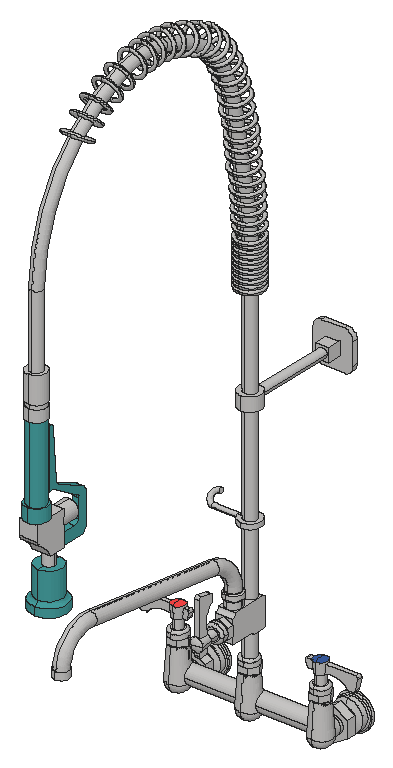
Revit family "Krowne_17-109WL_WallMount_Pre-Rinse_Faucet", category Plumbing Fixtures, Revit 2018
Family settings
  Round Connector Dimension = Use Diameter
  Part Type = Normal
  OmniClass Number = 23.40.40.00
  OmniClass Title = Food Service Equipment and Furnishings
  Work Plane-Based = No
  Always vertical = Yes
  Cut with Voids When Loaded = No
  Shared = No
  Room Calculation Point = No
Parameters (values of type "DefaultType")
  Width = 12 3/4"
  Weight in Pounds = 5
  Watermarked By = ""
  Waste Water Discharge Temperature [instance] = -459.67 °F
  URL Cutsheet = ""
  URL = "https://krowne.com/"
  Status [instance] = ""
  Specification by User [instance] = ""
  Specification by Manufacturer [instance] = ""
  Serial Number [instance] = ""
  Revision Code [instance] = ""
  Plumbing Remarks [instance] = ""
  Plumbing Connection Type = ""
  NAFEM Spec ID Number [instance] = ""
  Model = "17-109WL"
  Masterspec [instance] = ""
  Manufacturer = "Krowne Metal"
  KCLRef = "KCL2C9,,0004c5ab-0000-0000-0000-000000000307,KR,17-109WL ,637171303340000000,c30ee052-7361-4c63-9743-1e99b11c9039,f4ecd267-65e3-4957-9802-f9c9f8c84508"
  KCL SpecSheet URL = "http://kclweb.kclcad.com/imagehandler.ashx?kdoc=17-109wl&R=KR&M=17-109WL%20&VC=7&TID=KCLWeb&T=doc"
  Item Number [instance] = "-"
  Installed By [instance] = ""
  Hot Water Temperature = 100 °F
  Hot Water Size = 1/2"
  Hot Water RI Height [instance] = 0"
  Hot Water Minimum Pressure = 0.00 psi
  Hot Water Maximum Pressure = 0.00 psi
  Hot Water Flow = 1.8 GPM
  Hot Water Consumption = 0 GPM
  Hot Water Connection Height = 0"
  Height = 3 3/8"
  Furnished By [instance] = ""
  Foodservice Equipment Identifier = yes
  Description = "Wall Mount Pre-Rinse"
  Depth = 1 7/8"
  Cold Water Temperature Recommended = -459.67 °F
  Cold Water Size = 1/2"
  Cold Water RI Height [instance] = 0"
  Cold Water Minimum Pressure = 0.00 psi
  Cold Water Maximum Pressure = 0.00 psi
  Cold Water Flow = 1.8 GPM
  Cold Water Consumption = ""
  Cold Water Connection Height = 0"
  CSI MasterFormat = ""
  Assembly Code = "E1090300"
Reference planes
  plane 1 "BACK": y = 0
  plane 2: z = 0
  plane 3 "LEFT": x = -481.094
  plane 4 "RIGHT": x = -157.244
  plane 5 "CENTER L/R": x = -319.169
  plane 6: y = -23.812
  plane 7: y = -381
  plane 8: z = 96.837
  plane 9: x = -347.744
  plane 10: x = -290.594
  plane 11: z = 123.825
  plane 12: z = 73.025
  plane 13: z = 131.762
  plane 14: z = 173.037
Forms (mm)
  Extrusion 1, solid, material "QF_Stainless-Polished"
    sketch origin (-319.169, 0, 0) x (0, 1, 0) y (0, 0, 1)
      loop
        line (-12.7, 134.937) -> (-12.7, 169.862)
        arc (-12.7, 169.862) -> (-13.63, 172.108) -> (-15.875, 173.037) r 3.175
        line (-15.875, 173.037) -> (-63.5, 173.037)
        arc (-63.5, 173.037) -> (-65.36, 168.547) -> (-69.85, 166.687) r 6.35
        line (-69.85, 166.687) -> (-69.85, 134.937) -> (-37.605, 134.937)
        arc (-37.605, 134.937) -> (-36.572, 134.765) -> (-35.651, 134.266) r 3.175
        line (-35.651, 134.266) -> (-33.304, 132.434)
        arc (-33.304, 132.434) -> (-32.384, 131.935) -> (-31.351, 131.762) r 3.175
        line (-31.351, 131.762) -> (-15.875, 131.762)
        arc (-15.875, 131.762) -> (-13.63, 132.692) -> (-12.7, 134.937) r 3.175
    from -11.758 to 12.989
  Sweep 2, solid, material "QF_Stainless-Polished"
    path origin (-319.169, 0, 0) x (0, 1, 0) y (0, 0, 1)
      loop
        line (-52.387, 173.037) -> (-52.387, 193.129)
        arc (-52.387, 193.129) -> (-63.261, 222.256) -> (-90.561, 237.133) r 44.45
        line (-90.561, 237.133) -> (-308.231, 268.178)
        arc (-308.231, 268.178) -> (-343.635, 257.75) -> (-358.957, 224.174) r 44.45
        line (-358.957, 224.174) -> (-358.957, 217.487)
    profile origin (-319.169, -52.387, 183.083) x (0, -1, 0) y (1, 0, 0)
      loop
        circle (0, 0) r 9.525
      loop
        circle (0, 0) r 6.35
  Extrusion 3, solid, material "QF_Stainless-Polished"
    sketch origin (-319.169, -11.113, 173.037) x (0, -1, 0) y (1, 0, 0)
      loop
        circle (41.275, 0) r 9.525
      loop
        circle (41.275, 0) r 11.113
    from 0 to 9.525
  Revolve 4, solid, material "QF_Stainless-Polished"
    sketch origin (-319.169, 0, 0) x (0, 1, 0) y (0, 0, 1)
      loop
        line (-42.862, 192.087) -> (-42.862, 182.562) -> (-41.275, 182.562) -> (-39.687, 184.15) -> (-39.687, 190.5) -> (-41.275, 192.087) -> (-42.862, 192.087)
      axis (-52.387, 182.562) -> (-52.387, 192.087)
    angle from 0 to 360
  Extrusion 5, solid, material "QF_Stainless-Polished"
    sketch origin (-319.169, -358.957, 217.487) x (0, -1, 0) y (-1, 0, 0)
      loop
        circle (0, 0) r 9.525
      loop
        circle (0, 0) r 11.113
    from 0 to -9.525
Lines and regions (mm)
  symbolic lines
    curve 1: arc (-319.169, -33.337, 0) -> (-328.694, -23.812, 0) -> (-319.169, -14.288, 0) r 9.525
    curve 2: arc (-319.169, -14.288, 0) -> (-309.644, -23.812, 0) -> (-319.169, -33.337, 0) r 9.525
Dimensions and locks
  "Width": plane 3 "LEFT" to plane 4 "RIGHT"
  plane 6 to plane 1 "BACK" = 15/16"
  equal spacing: plane 3 "LEFT", plane 5 "CENTER L/R", plane 4 "RIGHT"
  plane 7 to plane 6 = 14 1/16"
  equal spacing: plane 9, plane 5 "CENTER L/R", plane 10
  plane 9 to plane 10 = 2 1/4"
  plane 11 to plane 8 = 1 1/16"
  plane 8 to plane 12 = 15/16"
  locked: plane 13 to plane 11 at 7.938
  locked: plane 14 to plane 13 at 41.275
  aligned and locked: level to plane 2
Automatic sketch dimensions
  curve 2 to plane 5 "CENTER L/R" = 0"
  curve 2 to curve 1 = 3/8"
  plane 6 to curve 2 = 0"
  Extrusion 1 sketch curve to plane 13 = 0"  (x2)
  plane 13 to Extrusion 1 sketch curve = 1/8"
  plane 6 to Extrusion 1 sketch curve = 1 13/16"
  plane 6 to Extrusion 1 sketch curve = 0.543"
  plane 13 to Extrusion 1 sketch curve = 0.09855"
  plane 13 to Extrusion 1 sketch curve = 0.02645"
  Extrusion 1 sketch curve to Extrusion 1 sketch curve = 0.0924"
  Extrusion 1 sketch curve to Extrusion 1 sketch curve = 0.0769"
  Extrusion 1 sketch curve to plane 6 = 5/16"  (x2)
  Extrusion 1 sketch curve to plane 14 = 1/8"
  Extrusion 1 sketch curve to plane 14 = 0"
  Extrusion 1 sketch curve to Extrusion 1 sketch curve = 1/4"
  Sweep 2 sketch curve to plane 14 = 0"
  Sweep 2 sketch curve to plane 7 = 0.86782"
  Sweep 2 sketch curve to Sweep 2 sketch curve = 1 3/4"
  Sweep 2 sketch curve to Sweep 2 sketch curve = 0.24709"  (x2)
  plane 14 to Sweep 2 sketch curve = 0.791"
  plane 6 to Sweep 2 sketch curve = 2 7/8"
  plane 6 to Sweep 2 sketch curve = 1 1/8"
  Sweep 2 sketch curve to Sweep 2 sketch curve = 0.26323"
  plane 14 to Sweep 2 sketch curve = 2.01323"
  Sweep 2 sketch curve to Sweep 2 sketch curve = 0"  (x2)
  Sweep 2 sketch curve to plane 5 "CENTER L/R" = 0"
  Sweep 2 sketch curve to profile plane = 0"
  Extrusion 3 sketch curve to Extrusion 1 = 1/16"
  Extrusion 3 sketch curve to Extrusion 1 = 7/16"
  Extrusion 1 to Extrusion 3 sketch curve = 0.4629"
  Extrusion 3 sketch curve to Extrusion 3 sketch curve = 0"  (x2)
  Extrusion 1 to Extrusion 3 sketch curve = 0"
  Revolve 4 sketch curve to Revolve 4 sketch curve = 0"  (x2)
  Revolve 4 sketch curve to Revolve 4 sketch curve = 1/16"  (x4)
  Revolve 4 sketch curve to Revolve 4 sketch curve = 1/4"
  plane 14 to Revolve 4 sketch curve = 3/8"
  plane 6 to Revolve 4 sketch curve = 3/4"
  Revolve 4 sketch curve to Revolve 4 sketch curve = 3/8"  (x2)
  radius of Sweep 2 sketch curve = 3/8"
  radius of Sweep 2 sketch curve = 1/4"
  radius of Extrusion 5 sketch curve to Sweep 2 = 0"
  radius of Sweep 2 to Extrusion 5 sketch curve = 1/16"
Nested families
  nested 1: "QF_Krowne_14-8_Body" at (-4.763, 38.894, -3.175), type "QF_Krowne_14-8_Body"
  nested 2: "Spring_Faucet_Hose" at (-4.763, -23.812, -3.175), type "Spring_Faucet_Hose"
  nested 3: "QF_Krowne_Faucet_Knob" at (-295.535, -282.657, 151.606) x (0, -1, 0) z (0, 0, 1), type "QF_Krowne_Faucet_Knob"
Connectors
  piping at (-420.769, 45.244, 34.131), diameter 12.7, driven by "Hot Water Flow", driven by "Hot Water Size"
    settings: on nested 1, index 1, connector inside diameter 24", connector length 0", flow factor 0, pipe flow 1.8 GPM, pressure drop 0.00 psi, fitting loss kfactor 0, connector angle 0.00°, fixture units 0, engagement length 0", angle of deflection 0.00°, flow configuration 1, flow direction 1, fitting loss method 0, system type 19, joint type 0, gender type 0, connector reference index -1, connector utility 0, adjustable connector no, is connector primary yes, connector description "HOT WATER"
  piping at (-217.569, 45.244, 34.131), diameter 12.7, driven by "Cold Water Flow", driven by "Cold Water Size"
    settings: on nested 1, index 2, connector inside diameter 24", connector length 0", flow factor 0, pipe flow 1.8 GPM, pressure drop 0.00 psi, fitting loss kfactor 0, connector angle 0.00°, fixture units 0, engagement length 0", angle of deflection 0.00°, flow configuration 1, flow direction 1, fitting loss method 0, system type 20, joint type 0, gender type 0, connector reference index -1, connector utility 0, adjustable connector no, is connector primary no, connector description "COLD WATER"
Definition of nested family "QF_Krowne_14-8_Body"
  Parameters (values of type "QF_Krowne_14-8_Body")
    Width = 12 3/8"
    Watermarked By = ""
    Height = 3 7/8"
    Description = ""
    Depth = 4 15/16"
  Reference planes
    plane 1 "BACK": y = 0
    plane 2: z = 0
    plane 3 "LEFT": x = -471.569
    plane 4 "RIGHT": x = -157.244
    plane 5 "TOP": z = 128.588
    plane 6 "Center": x = -314.407
    plane 7 "Left of Handle": x = -416.007
    plane 8 "Right of Handle": x = -212.807
    plane 9 "Center of Handles": y = -125.412
    plane 10 "Top of Body": z = 74.612
    plane 11: x = -444.582
    plane 12: x = -184.232
    plane 13 "Faucet Handle Center": y = -62.706
    plane 14: y = -59.531
    plane 15: y = -65.881
    plane 16: z = 37.306
  Forms (mm)
    Extrusion 1, solid
      sketch origin (0, 0, 80.962) x (0, 1, 0) y (-1, 0, 0)
        loop
          line (-62.38, 401.719) -> (-50.006, 408.863) -> (-50.006, 423.151) -> (-62.38, 430.294) -> (-74.753, 423.151) -> (-74.753, 408.863) -> (-62.38, 401.719)
        loop
          line (-62.38, 198.519) -> (-50.006, 205.663) -> (-50.006, 219.951) -> (-62.38, 227.094) -> (-74.753, 219.951) -> (-74.753, 205.663) -> (-62.38, 198.519)
        loop
          line (-62.38, 300.119) -> (-50.006, 307.263) -> (-50.006, 321.551) -> (-62.38, 328.694) -> (-74.753, 321.551) -> (-74.753, 307.263) -> (-62.38, 300.119)
      from 0 to 9.525
    Revolve 2, solid
      sketch origin (-416.007, 0, 0) x (0, 1, 0) y (0, 0, 1)
        loop
          line (-62.706, 90.488) -> (-50.006, 90.488) -> (-50.006, 96.838)
          arc (-50.006, 96.838) -> (-50.936, 99.083) -> (-53.181, 100.013) r 3.175
          line (-53.181, 100.013) -> (-62.706, 100.013) -> (-62.706, 90.488)
        axis (-62.706, 90.488) -> (-62.706, 100.013)
      angle from 0 to 360
    Revolve 3, solid
      sketch origin (-212.807, 0, 0) x (0, 1, 0) y (0, 0, 1)
        loop
          line (-62.706, 100.012) -> (-56.356, 100.012) -> (-56.356, 114.3) -> (-62.706, 114.3) -> (-62.706, 100.012)
        axis (-62.706, 100.012) -> (-62.706, 114.3)
      angle from 0 to 360
    Revolve 4, solid
      sketch origin (-416.007, 0, 0) x (0, 1, 0) y (0, 0, 1)
        loop
          line (-62.706, 100.013) -> (-56.356, 100.013) -> (-56.356, 114.3) -> (-62.706, 114.3) -> (-62.706, 100.013)
        axis (-62.706, 100.013) -> (-62.706, 114.3)
      angle from 0 to 360
    Revolve 5, solid
      sketch origin (-416.007, 0, 0) x (0, 1, 0) y (0, 0, 1)
        loop
          line (-62.706, 114.3) -> (-54.769, 114.3) -> (-53.181, 130.175) -> (-62.706, 130.175) -> (-62.706, 114.3)
        axis (-62.706, 114.3) -> (-62.706, 130.175)
      angle from 0 to 360
    Revolve 6, solid
      sketch origin (-212.807, 0, 0) x (0, 1, 0) y (0, 0, 1)
        loop
          line (-62.706, 114.3) -> (-54.769, 114.3) -> (-53.181, 130.175) -> (-62.706, 130.175) -> (-62.706, 114.3)
        axis (-62.706, 114.3) -> (-62.706, 130.175)
      angle from 0 to 360
    Revolve 7, solid
      sketch origin (-416.007, 0, 0) x (0, 1, 0) y (0, 0, 1)
        loop
          line (-62.706, 130.175) -> (-53.181, 130.175)
          arc (-53.181, 130.175) -> (-57.646, 132.655) -> (-62.706, 133.35) r 13.869
          line (-62.706, 133.35) -> (-62.706, 130.175)
        axis (-62.706, 130.175) -> (-62.706, 133.35)
      angle from 0 to 360
    Revolve 8, solid
      sketch origin (-212.807, 0, 0) x (0, 1, 0) y (0, 0, 1)
        loop
          line (-62.706, 130.175) -> (-53.181, 130.175)
          arc (-53.181, 130.175) -> (-57.646, 132.655) -> (-62.706, 133.35) r 13.869
          line (-62.706, 133.35) -> (-62.706, 130.175)
        axis (-62.706, 130.175) -> (-62.706, 133.35)
      angle from 0 to 360
    Extrusion 9, solid
      sketch origin (0, -62.706, 0) x (1, 0, 0) y (0, 0, 1)
        loop
          arc (-468.332, 128.588) -> (-470.787, 127.425) -> (-471.445, 124.79) r 3.175
          line (-471.445, 124.79) -> (-468.27, 108.916)
          arc (-468.27, 108.916) -> (-467.17, 107.083) -> (-465.157, 106.364) r 3.175
          line (-465.157, 106.364) -> (-458.81, 106.364)
          arc (-458.81, 106.364) -> (-457.469, 106.66) -> (-456.379, 107.496) r 3.175
          arc (-456.379, 107.496) -> (-441.832, 116.771) -> (-424.594, 116.065) r 28.792
          arc (-424.594, 116.065) -> (-424.065, 115.925) -> (-423.52, 115.878) r 3.175
          line (-423.52, 115.878) -> (-402.102, 115.878)
          arc (-402.102, 115.878) -> (-400.089, 116.597) -> (-398.988, 118.43) r 3.175
          line (-398.988, 118.43) -> (-397.716, 124.79)
          arc (-397.716, 124.79) -> (-398.374, 127.425) -> (-400.83, 128.588) r 3.175
          line (-400.83, 128.588) -> (-468.332, 128.588)
        loop
          line (-160.482, 128.588) -> (-227.984, 128.588)
          arc (-227.984, 128.588) -> (-230.439, 127.425) -> (-231.097, 124.79) r 3.175
          line (-231.097, 124.79) -> (-229.826, 118.43)
          arc (-229.826, 118.43) -> (-228.725, 116.597) -> (-226.712, 115.878) r 3.175
          line (-226.712, 115.878) -> (-205.294, 115.878)
          arc (-205.294, 115.878) -> (-204.749, 115.925) -> (-204.22, 116.065) r 3.175
          arc (-204.22, 116.065) -> (-186.982, 116.771) -> (-172.435, 107.496) r 28.792
          arc (-172.435, 107.496) -> (-171.345, 106.66) -> (-170.004, 106.364) r 3.175
          line (-170.004, 106.364) -> (-163.657, 106.364)
          arc (-163.657, 106.364) -> (-161.644, 107.083) -> (-160.544, 108.916) r 3.175
          line (-160.544, 108.916) -> (-157.369, 124.79)
          arc (-157.369, 124.79) -> (-158.027, 127.425) -> (-160.482, 128.588) r 3.175
      from -3.175 to 3.175
    Extrusion 10, solid
      sketch origin (0, 0, 0) x (1, 0, 0) y (0, 0, 1)
        loop
          circle (-416.007, 37.306) r 6.35
        loop
          circle (-212.807, 37.306) r 6.35
      from 0 to -6.35
    Revolve 11, solid
      sketch origin (-212.807, 0, 0) x (0, 1, 0) y (0, 0, 1)
        loop
          line (-62.706, 90.488) -> (-50.006, 90.488) -> (-50.006, 96.838)
          arc (-50.006, 96.838) -> (-50.936, 99.083) -> (-53.181, 100.013) r 3.175
          line (-53.181, 100.013) -> (-62.706, 100.013) -> (-62.706, 90.488)
        axis (-62.706, 90.488) -> (-62.706, 100.013)
      angle from 0 to 360
    Revolve 12, solid
      sketch origin (-416.007, 0, 0) x (0, 1, 0) y (0, 0, 1)
        loop
          line (0, 37.306) -> (0, 62.706) -> (-3.175, 62.706)
          arc (-3.175, 62.706) -> (-4.298, 62.241) -> (-4.762, 61.119) r 1.588
          line (-4.762, 61.119) -> (-6.75, 59.131) -> (-14.287, 59.131) -> (-17.462, 50.006) -> (-26.987, 50.006) -> (-26.988, 37.306) -> (0, 37.306)
        axis (0, 37.306) -> (-26.988, 37.306)
      angle from 0 to 360
    Revolve 13, solid
      sketch origin (-212.807, 0, 0) x (0, 1, 0) y (0, 0, 1)
        loop
          line (0, 37.306) -> (0, 62.706) -> (-3.175, 62.706)
          arc (-3.175, 62.706) -> (-4.298, 62.241) -> (-4.762, 61.119) r 1.588
          line (-4.762, 61.119) -> (-6.75, 59.131) -> (-14.287, 59.131) -> (-17.462, 50.006) -> (-26.987, 50.006) -> (-26.988, 37.306) -> (0, 37.306)
        axis (0, 37.306) -> (-26.988, 37.306)
      angle from 0 to 360
    Extrusion 14, solid
      sketch origin (-416.007, -26.988, 37.306) x (0, 0, 1) y (-1, 0, 0)
        loop
          line (11.915, -20.638) -> (23.83, 0) -> (11.915, 20.637) -> (-11.915, 20.637) -> (-23.83, 0) -> (-11.915, -20.637) -> (11.915, -20.638)
        loop
          line (11.915, -223.837) -> (23.83, -203.2) -> (11.915, -182.562) -> (-11.915, -182.562) -> (-23.83, -203.2) -> (-11.915, -223.837) -> (11.915, -223.837)
      from 0 to 12.7
    Sweep 15, solid
      path origin (-416.007, 0, 0) x (0, 1, 0) y (0, 0, 1)
        loop
          line (-26.988, 37.306) -> (-43.656, 37.306)
          arc (-43.656, 37.306) -> (-57.127, 42.886) -> (-62.706, 56.356) r 19.05
          line (-62.706, 56.356) -> (-62.706, 80.962)
      profile origin (-416.007, -35.322, 37.306) x (0, 0, -1) y (1, 0, 0)
        loop
          circle (0, 0) r 12.7
    Sweep 16, solid
      path origin (-212.807, 0, 0) x (0, 1, 0) y (0, 0, 1)
        loop
          line (-26.988, 37.306) -> (-43.656, 37.306)
          arc (-43.656, 37.306) -> (-57.127, 42.886) -> (-62.706, 56.356) r 19.05
          line (-62.706, 56.356) -> (-62.706, 80.962)
      profile origin (-212.807, -35.322, 37.306) x (0, 0, -1) y (1, 0, 0)
        loop
          circle (0, 0) r 12.7
    Extrusion 17, solid
      sketch origin (-416.007, 0, 0) x (0, 1, 0) y (0, 0, 1)
        loop
          circle (-57.127, 42.886) r 12.7
      from 0 to 203.2
    Sweep 18, solid
      path origin (-314.407, 0, 0) x (0, 1, 0) y (0, 0, 1)
        loop
          arc (-56.044, 41.884) -> (-60.961, 48.39) -> (-62.706, 56.356) r 19.05
          line (-62.706, 56.356) -> (-62.706, 80.962)
      profile origin (-314.407, -62.706, 68.659) x (0, -1, 0) y (1, 0, 0)
        loop
          circle (0, 0) r 12.7
    Revolve 19, solid
      sketch origin (-314.407, 0, 0) x (0, 1, 0) y (0, 0, 1)
        loop
          line (-62.706, 90.488) -> (-50.006, 90.488) -> (-50.006, 96.838)
          arc (-50.006, 96.838) -> (-50.936, 99.083) -> (-53.181, 100.013) r 3.175
          line (-53.181, 100.013) -> (-62.706, 100.013) -> (-62.706, 90.488)
        axis (-62.706, 90.488) -> (-62.706, 100.013)
      angle from 0 to 360
    Revolve 20, solid
      sketch origin (-416.007, 0, 0) x (0, 1, 0) y (0, 0, 1)
        loop
          line (-50.006, 80.962) -> (-62.706, 80.962) -> (-62.706, 20.044) -> (-59.365, 20.044)
          arc (-59.365, 20.044) -> (-50.077, 24.083) -> (-46.696, 33.63) r 12.7
          line (-46.696, 33.63) -> (-50.006, 80.962)
        axis (-62.706, 20.044) -> (-62.706, 80.962)
      angle from 0 to 360
    Revolve 21, solid
      sketch origin (-212.807, 0, 0) x (0, 1, 0) y (0, 0, 1)
        loop
          line (-50.006, 80.962) -> (-62.706, 80.962) -> (-62.706, 20.044) -> (-59.365, 20.044)
          arc (-59.365, 20.044) -> (-50.077, 24.083) -> (-46.696, 33.63) r 12.7
          line (-46.696, 33.63) -> (-50.006, 80.962)
        axis (-62.706, 20.044) -> (-62.706, 80.962)
      angle from 0 to 360
    Revolve 22, solid
      sketch origin (-314.407, 0, 0) x (0, 1, 0) y (0, 0, 1)
        loop
          line (-50.006, 80.962) -> (-62.706, 80.962) -> (-62.706, 20.044) -> (-59.365, 20.044)
          arc (-59.365, 20.044) -> (-50.077, 24.083) -> (-46.696, 33.63) r 12.7
          line (-46.696, 33.63) -> (-50.006, 80.962)
        axis (-62.706, 20.044) -> (-62.706, 80.962)
      angle from 0 to 360
  Lines and regions (mm)
    symbolic lines
      curve 1: line (-471.445, -59.531, 74.612) -> (-397.655, -59.531, 74.612)
      curve 2: line (-471.445, -65.881, 74.612) -> (-471.445, -59.531, 74.612)
      curve 3: line (-397.655, -65.881, 74.612) -> (-471.445, -65.881, 74.612)
      curve 4: line (-397.655, -59.531, 74.612) -> (-397.655, -65.881, 74.612)
      curve 5: line (-157.244, -59.531, 74.612) -> (-231.159, -59.531, 74.612)
      curve 6: line (-157.244, -65.881, 74.612) -> (-157.244, -59.531, 74.612)
      curve 7: line (-231.159, -65.881, 74.612) -> (-157.244, -65.881, 74.612)
      curve 8: line (-231.159, -59.531, 74.612) -> (-231.159, -65.881, 74.612)
      curve 9: line (-423.151, -50.333, 74.612) -> (-428.461, -59.531, 74.612)
      curve 10: line (-423.151, -50.333, 74.612) -> (-408.863, -50.333, 74.612)
      curve 11: line (-408.863, -50.333, 74.612) -> (-403.553, -59.531, 74.612)
      curve 12: line (-408.863, -75.08, 74.612) -> (-423.151, -75.08, 74.612)
      curve 13: line (-423.151, -75.08, 74.612) -> (-428.461, -65.881, 74.612)
      curve 14: line (-408.863, -75.08, 74.612) -> (-403.553, -65.881, 74.612)
      curve 15: line (-219.951, -50.333, 74.612) -> (-205.663, -50.333, 74.612)
      curve 16: line (-205.663, -50.333, 74.612) -> (-200.353, -59.531, 74.612)
      curve 17: line (-219.951, -50.333, 74.612) -> (-225.261, -59.531, 74.612)
      curve 18: line (-205.663, -75.08, 74.612) -> (-219.951, -75.08, 74.612)
      curve 19: line (-219.951, -75.08, 74.612) -> (-225.261, -65.881, 74.612)
      curve 20: line (-205.663, -75.08, 74.612) -> (-200.353, -65.881, 74.612)
      curve 21: line (-328.694, -62.38, 74.612) -> (-321.551, -74.753, 74.612)
      curve 22: line (-321.551, -74.753, 74.612) -> (-307.263, -74.753, 74.612)
      curve 23: line (-307.263, -74.753, 74.612) -> (-300.119, -62.38, 74.612)
      curve 24: line (-300.119, -62.38, 74.612) -> (-307.263, -50.006, 74.612)
      curve 25: line (-307.263, -50.006, 74.612) -> (-321.551, -50.006, 74.612)
      curve 26: line (-321.551, -50.006, 74.612) -> (-328.694, -62.38, 74.612)
      curve 27: line (-441.407, 0, 74.612) -> (-390.607, 0, 74.612)
      curve 28: line (-441.407, 0, 74.612) -> (-441.407, -3.175, 74.612)
      curve 29: line (-437.831, -6.75, 74.612) -> (-439.819, -4.763, 74.612)
      curve 30: arc (-439.819, -4.763, 74.612) -> (-440.942, -4.298, 74.612) -> (-441.407, -3.175, 74.612) r 1.588
      curve 31: line (-437.831, -6.75, 74.612) -> (-437.831, -14.288, 74.612)
      curve 32: line (-437.831, -14.288, 74.612) -> (-428.707, -17.463, 74.612)
      curve 33: line (-428.707, -17.463, 74.612) -> (-428.707, -26.987, 74.612)
      curve 34: line (-428.707, -26.987, 74.612) -> (-436.644, -26.987, 74.612)
      curve 35: line (-436.644, -26.987, 74.612) -> (-436.644, -39.688, 74.612)
      curve 36: line (-436.644, -39.688, 74.612) -> (-428.719, -39.687, 74.612)
      curve 37: line (-428.719, -39.687, 74.612) -> (-428.719, -59.531, 74.612)
      curve 38: line (-390.607, 0, 74.612) -> (-390.607, -3.175, 74.612)
      curve 39: line (-394.182, -6.75, 74.612) -> (-392.194, -4.763, 74.612)
      curve 40: arc (-392.194, -4.763, 74.612) -> (-391.072, -4.298, 74.612) -> (-390.607, -3.175, 74.612) r 1.588
      curve 41: line (-394.182, -6.75, 74.612) -> (-394.182, -14.288, 74.612)
      curve 42: line (-394.182, -14.288, 74.612) -> (-403.307, -17.463, 74.612)
      curve 43: line (-403.307, -17.463, 74.612) -> (-403.307, -26.987, 74.612)
      curve 44: line (-403.307, -26.987, 74.612) -> (-395.369, -26.987, 74.612)
      curve 45: line (-395.369, -26.987, 74.612) -> (-395.369, -39.688, 74.612)
      curve 46: line (-395.369, -39.688, 74.612) -> (-403.295, -39.687, 74.612)
      curve 47: line (-403.295, -39.687, 74.612) -> (-403.295, -59.531, 74.612)
      curve 48: line (-205.663, -50.333, 74.612) -> (-219.951, -50.333, 74.612)
      curve 49: line (-187.407, 0, 74.612) -> (-238.207, 0, 74.612)
      curve 50: line (-187.407, 0, 74.612) -> (-187.407, -3.175, 74.612)
      curve 51: line (-190.982, -6.75, 74.612) -> (-188.994, -4.763, 74.612)
      curve 52: arc (-188.994, -4.763, 74.612) -> (-187.872, -4.298, 74.612) -> (-187.407, -3.175, 74.612) r 1.588
      curve 53: line (-190.982, -6.75, 74.612) -> (-190.982, -14.288, 74.612)
      curve 54: line (-190.982, -14.288, 74.612) -> (-200.107, -17.463, 74.612)
      curve 55: line (-200.107, -17.463, 74.612) -> (-200.107, -26.987, 74.612)
      curve 56: line (-200.107, -26.987, 74.612) -> (-192.169, -26.987, 74.612)
      curve 57: line (-192.169, -26.987, 74.612) -> (-192.169, -39.688, 74.612)
      curve 58: line (-192.169, -39.688, 74.612) -> (-200.095, -39.687, 74.612)
      curve 59: line (-200.095, -39.687, 74.612) -> (-200.095, -59.531, 74.612)
      curve 60: line (-238.207, 0, 74.612) -> (-238.207, -3.175, 74.612)
      curve 61: line (-234.631, -6.75, 74.612) -> (-236.619, -4.763, 74.612)
      curve 62: arc (-236.619, -4.763, 74.612) -> (-237.742, -4.298, 74.612) -> (-238.207, -3.175, 74.612) r 1.588
      curve 63: line (-234.631, -6.75, 74.612) -> (-234.631, -14.288, 74.612)
      curve 64: line (-234.631, -14.288, 74.612) -> (-225.507, -17.463, 74.612)
      curve 65: line (-225.507, -17.463, 74.612) -> (-225.507, -26.987, 74.612)
      curve 66: line (-225.507, -26.987, 74.612) -> (-233.444, -26.987, 74.612)
      curve 67: line (-233.444, -26.987, 74.612) -> (-233.444, -39.688, 74.612)
      curve 68: line (-233.444, -39.688, 74.612) -> (-225.519, -39.687, 74.612)
      curve 69: line (-225.519, -39.687, 74.612) -> (-225.519, -59.531, 74.612)
      curve 70: line (-403.295, -44.504, 74.612) -> (-225.519, -44.504, 74.612)
      curve 71: line (-405.528, -69.303, 74.612) -> (-324.697, -69.303, 74.612)
      curve 72: line (-303.555, -69.303, 74.612) -> (-223.286, -69.303, 74.612)
  Dimensions and locks
    "Width": plane 3 "LEFT" to plane 4 "RIGHT"
    equal spacing: plane 3 "LEFT", plane 6 "Center", plane 4 "RIGHT"
    "Depth": plane 9 "Center of Handles" to plane 1 "BACK"
    plane 10 "Top of Body" to level = 2 15/16"
    equal spacing: plane 10 "Top of Body", plane 16, level
    locked: plane 3 "LEFT" to plane 11 at 26.988
    locked: plane 12 to plane 4 "RIGHT" at 26.988
    locked: plane 8 "Right of Handle" to plane 12 at 28.575
    locked: plane 11 to plane 7 "Left of Handle" at 28.575
    locked: plane 5 "TOP" to plane 10 "Top of Body" at 53.975
    equal spacing: plane 15, plane 13 "Faucet Handle Center", plane 14, locked at 3.175 each
    plane 15 to plane 14 = 1/4"
    equal spacing: plane 9 "Center of Handles", plane 13 "Faucet Handle Center", plane 1 "BACK"
    aligned and locked: level to plane 2
    aligned and locked: Revolve 5 sketch curve to Revolve 5 sketch curve
    aligned and locked: Revolve 6 sketch curve to Revolve 6 sketch curve
    aligned and locked: Extrusion 9 sketch curve to plane 5 "TOP"
    aligned and locked: plane 5 "TOP" to Extrusion 9 sketch curve
    aligned and locked: Extrusion 9 to plane 14
    aligned and locked: curve 1 to Extrusion 9
    aligned and locked: curve 2 to Extrusion 9
    aligned and locked: curve 3 to Extrusion 9
    aligned and locked: curve 5 to Extrusion 9
    aligned and locked: Extrusion 9 to curve 7
    aligned and locked: plane 4 "RIGHT" to curve 6
    aligned and locked: Revolve 11 sketch curve to plane 13 "Faucet Handle Center"
    aligned and locked: plane 8 "Right of Handle" to Extrusion 17
    aligned and locked: plane 13 "Faucet Handle Center" to Revolve 20 sketch curve
  Automatic sketch dimensions
    Revolve 2 sketch curve to plane 13 "Faucet Handle Center" = 0"  (x2)
    Revolve 2 sketch curve to Revolve 2 sketch curve = 3/8"
    Revolve 2 sketch curve to Revolve 2 sketch curve = 1/8"
    plane 10 "Top of Body" to Revolve 2 sketch curve = 5/8"
    Revolve 2 sketch curve to Revolve 2 sketch curve = 1/4"
    Revolve 2 sketch curve to Revolve 2 sketch curve = 0"  (x2)
    Revolve 3 sketch curve to plane 13 "Faucet Handle Center" = 0"  (x2)
    Revolve 3 sketch curve to plane 13 "Faucet Handle Center" = 1/4"
    plane 10 "Top of Body" to Revolve 3 sketch curve = 1"
    Revolve 3 sketch curve to Revolve 3 sketch curve = 9/16"
    Revolve 3 sketch curve to Revolve 3 sketch curve = 3/8"
    Revolve 3 sketch curve to Revolve 3 sketch curve = 0"
    Revolve 4 sketch curve to plane 13 "Faucet Handle Center" = 0"  (x2)
    Revolve 4 sketch curve to Revolve 4 sketch curve = 1/4"
    plane 10 "Top of Body" to Revolve 4 sketch curve = 1"
    Revolve 4 sketch curve to Revolve 4 sketch curve = 9/16"
    Revolve 4 sketch curve to Revolve 4 sketch curve = 3/8"
    Revolve 4 sketch curve to Revolve 4 sketch curve = 0"
    Revolve 5 sketch curve to plane 13 "Faucet Handle Center" = 0"
    Revolve 5 sketch curve to Revolve 5 sketch curve = 5/16"
    plane 5 "TOP" to Revolve 5 sketch curve = 1/16"
    Revolve 5 sketch curve to Revolve 5 sketch curve = 3/8"
    Revolve 5 sketch curve to plane 5 "TOP" = 9/16"
    Revolve 5 sketch curve to Revolve 5 sketch curve = 0"  (x2)
    Revolve 6 sketch curve to plane 13 "Faucet Handle Center" = 0"
    Revolve 6 sketch curve to plane 13 "Faucet Handle Center" = 5/16"
    plane 5 "TOP" to Revolve 6 sketch curve = 1/16"
    Revolve 6 sketch curve to plane 13 "Faucet Handle Center" = 3/8"
    Revolve 6 sketch curve to plane 5 "TOP" = 9/16"
    Revolve 6 sketch curve to Revolve 6 sketch curve = 0"  (x2)
    Revolve 7 sketch curve to plane 13 "Faucet Handle Center" = 0"  (x2)
    Revolve 7 sketch curve to plane 13 "Faucet Handle Center" = 0.02655"
    plane 5 "TOP" to Revolve 7 sketch curve = 1/16"
    Revolve 7 sketch curve to Revolve 7 sketch curve = 3/8"
    Revolve 7 sketch curve to plane 5 "TOP" = 0.35786"
    Revolve 7 sketch curve to Revolve 7 sketch curve = 0"  (x2)
    Revolve 8 sketch curve to plane 13 "Faucet Handle Center" = 0"  (x2)
    Revolve 8 sketch curve to plane 13 "Faucet Handle Center" = 0.02655"
    plane 5 "TOP" to Revolve 8 sketch curve = 1/16"
    Revolve 8 sketch curve to Revolve 8 sketch curve = 3/8"
    Revolve 8 sketch curve to plane 5 "TOP" = 0.35786"
    Revolve 8 sketch curve to Revolve 8 sketch curve = 0"  (x2)
    Revolve 12 sketch curve to plane 9 "Center of Handles" = 0"
    Revolve 12 sketch curve to plane 16 = 0"  (x2)
    Revolve 12 sketch curve to plane 1 "BACK" = 0"  (x2)
    plane 16 to Revolve 12 sketch curve = 1/2"
    plane 1 "BACK" to Revolve 12 sketch curve = 1 1/16"
    Revolve 12 sketch curve to Revolve 12 sketch curve = 3/8"
    Revolve 12 sketch curve to Revolve 12 sketch curve = 1/8"
    plane 1 "BACK" to Revolve 12 sketch curve = 0.26577"
    Revolve 12 sketch curve to Revolve 12 sketch curve = 0.07827"  (x2)
    Revolve 12 sketch curve to Revolve 12 sketch curve = 1/16"
    Revolve 12 sketch curve to Revolve 12 sketch curve = 0.35923"
    Revolve 13 sketch curve to plane 9 "Center of Handles" = 0"
    Revolve 13 sketch curve to plane 16 = 0"  (x2)
    Revolve 13 sketch curve to plane 1 "BACK" = 0"  (x2)
    Revolve 13 sketch curve to Revolve 13 sketch curve = 1 1/16"
    Revolve 13 sketch curve to Revolve 13 sketch curve = 3/8"
    Revolve 13 sketch curve to Revolve 13 sketch curve = 1/8"
    plane 1 "BACK" to Revolve 13 sketch curve = 0.26577"
    Revolve 13 sketch curve to Revolve 13 sketch curve = 0.07827"  (x2)
    Revolve 13 sketch curve to Revolve 13 sketch curve = 1/16"
    plane 16 to Revolve 13 sketch curve = 1/2"
    Revolve 13 sketch curve to Revolve 13 sketch curve = 0.35923"
    Revolve 12 to Extrusion 14 sketch curve = 0"
    Extrusion 14 sketch curve to Revolve 12 = 0"
    Revolve 12 to Extrusion 14 sketch curve = 8"  (x2)
    Extrusion 14 sketch curve to Extrusion 14 sketch curve = 0"
    Extrusion 14 sketch curve to Extrusion 14 sketch curve = 0.4691"  (x6)
    Extrusion 14 sketch curve to Extrusion 14 sketch curve = 0.93819"  (x4)
    Revolve 12 to Extrusion 14 sketch curve = 7 3/16"
    Revolve 12 to Extrusion 14 sketch curve = 8 13/16"
    Revolve 12 to Extrusion 14 sketch curve = 13/16"
    Extrusion 14 sketch curve to Revolve 12 = 13/16"
    plane 15 to Extrusion 1 sketch curve = 0.34928"  (x3)
    Extrusion 1 sketch curve to plane 13 "Faucet Handle Center" = 0.01286"  (x6)
    Extrusion 1 sketch curve to plane 14 = 3/8"  (x3)
    plane 8 "Right of Handle" to Extrusion 1 sketch curve = 9/16"
    plane 8 "Right of Handle" to Extrusion 1 sketch curve = 9/32"  (x2)
    Extrusion 1 sketch curve to plane 8 "Right of Handle" = 9/32"  (x2)
    Extrusion 1 sketch curve to plane 8 "Right of Handle" = 9/16"
    plane 6 "Center" to Extrusion 1 sketch curve = 9/16"
    plane 6 "Center" to Extrusion 1 sketch curve = 9/32"  (x2)
    Extrusion 1 sketch curve to plane 6 "Center" = 9/32"  (x2)
    Extrusion 1 sketch curve to Extrusion 1 sketch curve = 9/32"  (x2)
    plane 7 "Left of Handle" to Extrusion 1 sketch curve = 9/16"
    plane 7 "Left of Handle" to Extrusion 1 sketch curve = 9/32"  (x2)
    Extrusion 1 sketch curve to plane 7 "Left of Handle" = 9/32"  (x2)
    plane 3 "LEFT" to Extrusion 9 sketch curve = 0.0049"
    Extrusion 9 sketch curve to Extrusion 9 sketch curve = 0.12257"  (x5)
    plane 3 "LEFT" to Extrusion 9 sketch curve = 0.12989"
    Extrusion 9 sketch curve to Extrusion 9 sketch curve = 0.24989"  (x2)
    plane 11 to Extrusion 9 sketch curve = 0.40333"
    Extrusion 9 sketch curve to plane 7 "Left of Handle" = 0.29578"
    plane 7 "Left of Handle" to Extrusion 9 sketch curve = 0.54745"
    Extrusion 9 sketch curve to plane 5 "TOP" = 1/8"  (x2)
    Extrusion 9 sketch curve to Extrusion 9 sketch curve = 0.05007"  (x2)
    Extrusion 9 sketch curve to plane 5 "TOP" = 0.39989"
    Extrusion 9 sketch curve to plane 5 "TOP" = 0.14951"  (x4)
    Extrusion 9 sketch curve to plane 8 "Right of Handle" = 0.7201"
    plane 8 "Right of Handle" to Extrusion 9 sketch curve = 0.29578"
    Extrusion 9 sketch curve to plane 12 = 0.40333"
    Extrusion 9 sketch curve to plane 4 "RIGHT" = 0.50235"
    Extrusion 9 sketch curve to plane 4 "RIGHT" = 0.12748"
    Extrusion 9 sketch curve to plane 4 "RIGHT" = 0.0049"
    Extrusion 9 sketch curve to Extrusion 9 sketch curve = 0.25038"
    Extrusion 9 sketch curve to plane 5 "TOP" = 0.50038"
    Extrusion 9 sketch curve to Extrusion 9 sketch curve = 0.10049"
    Extrusion 9 sketch curve to plane 5 "TOP" = 0.74996"  (x2)
    Extrusion 9 sketch curve to Extrusion 9 sketch curve = 0"  (x4)
    Extrusion 9 sketch curve to Extrusion 9 sketch curve = 0.02451"  (x2)
    plane 10 "Top of Body" to Extrusion 9 sketch curve = 0.56533"  (x2)
    Extrusion 9 sketch curve to Extrusion 9 sketch curve = 1/8"  (x2)
    Extrusion 10 sketch curve to plane 7 "Left of Handle" = 0"
    Extrusion 10 sketch curve to plane 8 "Right of Handle" = 0"
    Extrusion 10 sketch curve to plane 16 = 0"  (x2)
    Revolve 11 sketch curve to plane 13 "Faucet Handle Center" = 0"
    Revolve 11 sketch curve to plane 14 = 1/4"
    Revolve 11 sketch curve to Revolve 11 sketch curve = 1/8"
    plane 10 "Top of Body" to Revolve 11 sketch curve = 5/8"
    Revolve 11 sketch curve to Revolve 11 sketch curve = 1/4"
    Revolve 11 sketch curve to Revolve 11 sketch curve = 0"  (x2)
    Sweep 15 sketch curve to plane 13 "Faucet Handle Center" = 0"
    Sweep 15 sketch curve to plane 16 = 0"
    Sweep 15 sketch curve to plane 14 = 5/8"
    Sweep 15 sketch curve to Sweep 15 sketch curve = 21/32"
    plane 10 "Top of Body" to Sweep 15 sketch curve = 1/4"
    Sweep 15 sketch curve to plane 7 "Left of Handle" = 0"
    Sweep 15 sketch curve to profile plane = 0"
    Sweep 16 sketch curve to plane 13 "Faucet Handle Center" = 0"
    Sweep 16 sketch curve to plane 16 = 0"
    Sweep 16 sketch curve to plane 14 = 5/8"
    Sweep 16 sketch curve to Sweep 16 sketch curve = 21/32"
    plane 10 "Top of Body" to Sweep 16 sketch curve = 1/4"
    Sweep 16 sketch curve to plane 8 "Right of Handle" = 0"
    Sweep 16 sketch curve to profile plane = 0"
    Extrusion 17 sketch curve to plane 14 = 0.09467"
    plane 16 to Extrusion 17 sketch curve = 0.21967"
    Sweep 18 sketch curve to plane 13 "Faucet Handle Center" = 0"
    Sweep 18 sketch curve to plane 14 = 5/8"
    Sweep 18 sketch curve to plane 10 "Top of Body" = 23/32"
    Sweep 18 sketch curve to plane 14 = 0.1373"
    plane 10 "Top of Body" to Sweep 18 sketch curve = 1/4"
    Sweep 18 sketch curve to plane 6 "Center" = 0"
    Sweep 18 sketch curve to profile plane = 0"
    Revolve 19 sketch curve to plane 13 "Faucet Handle Center" = 0"  (x2)
    Revolve 19 sketch curve to plane 14 = 1/4"
    Revolve 19 sketch curve to Revolve 19 sketch curve = 1/8"
    plane 10 "Top of Body" to Revolve 19 sketch curve = 5/8"
    Revolve 19 sketch curve to Revolve 19 sketch curve = 1/4"
    Revolve 19 sketch curve to Revolve 19 sketch curve = 0"  (x2)
    plane 1 "BACK" to curve 27 = 0"
    plane 1 "BACK" to curve 49 = 0"
    plane 15 to curve 21 = 0.34928"
    plane 15 to curve 12 = 0.36214"
    curve 23 to plane 13 "Faucet Handle Center" = 0.01286"
    curve 21 to plane 13 "Faucet Handle Center" = 0.01286"
    curve 9 to plane 14 = 0.36214"
    curve 17 to plane 14 = 0.36214"
    curve 25 to plane 14 = 3/8"
    curve 15 to curve 67 = 0.41911"
    curve 10 to curve 47 = 0.41911"
    curve 57 to plane 12 = 5/16"
    curve 15 to curve 57 = 0.41911"
    plane 11 to curve 35 = 5/16"
    curve 9 to curve 35 = 0.41911"
    curve 68 to curve 66 = 1/2"
    curve 57 to curve 57 = 1/2"
    curve 46 to curve 43 = 1/2"
    curve 36 to curve 33 = 1/2"
    curve 65 to curve 65 = 3/8"
    curve 55 to curve 54 = 3/8"
    curve 33 to curve 33 = 3/8"
    curve 43 to curve 42 = 3/8"
    curve 64 to curve 63 = 1/8"
    plane 11 to curve 32 = 0.26577"
    curve 32 to curve 32 = 1/8"
    curve 42 to curve 42 = 1/8"
    curve 54 to curve 53 = 1/8"
    plane 1 "BACK" to curve 63 = 0.26577"
    plane 1 "BACK" to curve 41 = 0.26577"
    plane 1 "BACK" to curve 51 = 0.26577"
    plane 1 "BACK" to curve 31 = 0.26577"
    curve 51 to curve 51 = 0.07827"
    curve 29 to curve 29 = 0.07827"
    curve 61 to curve 61 = 0.07827"  (x2)
    curve 39 to curve 39 = 0.07827"
    curve 62 to curve 62 = 1/16"
    curve 39 to curve 38 = 1/16"
    curve 52 to curve 52 = 1/16"
    curve 29 to curve 30 = 1/16"
    curve 50 to plane 12 = 1/8"
    curve 53 to plane 12 = 0.26577"
    curve 57 to curve 58 = 0.31203"
    curve 53 to curve 55 = 0.35923"
    plane 8 "Right of Handle" to curve 15 = 9/32"
    plane 8 "Right of Handle" to curve 18 = 9/32"
    curve 15 to plane 8 "Right of Handle" = 9/32"
    curve 18 to plane 8 "Right of Handle" = 9/32"
    curve 66 to plane 8 "Right of Handle" = 1/2"
    curve 15 to curve 68 = 0.21922"
    curve 69 to curve 8 = 0.22206"
    curve 65 to curve 66 = 5/16"
    curve 64 to curve 63 = 0.35923"
    plane 6 "Center" to curve 24 = 9/16"
    plane 6 "Center" to curve 23 = 9/32"
    plane 6 "Center" to curve 24 = 9/32"
    curve 26 to plane 6 "Center" = 9/32"
    curve 21 to plane 6 "Center" = 9/32"
    curve 21 to curve 21 = 9/32"
    plane 7 "Left of Handle" to curve 27 = 1"
    curve 40 to curve 39 = 0.07827"
    plane 7 "Left of Handle" to curve 45 = 13/16"
    plane 7 "Left of Handle" to curve 4 = 0.72253"
    curve 45 to curve 47 = 0.31203"
    curve 41 to curve 43 = 0.35923"
    plane 7 "Left of Handle" to curve 10 = 9/32"
    plane 7 "Left of Handle" to curve 12 = 9/32"
    curve 12 to plane 7 "Left of Handle" = 9/32"
    curve 10 to plane 7 "Left of Handle" = 9/32"
    curve 33 to curve 31 = 0.35923"
    curve 36 to curve 35 = 0.31203"
    curve 29 to curve 30 = 0.07827"
    plane 15 to curve 72 = 0.13473"
    plane 15 to curve 71 = 0.13473"
    curve 70 to curve 46 = 0.18961"
    curve 59 to curve 20 = 0.01014"
    curve 59 to curve 16 = 0.01014"
    curve 18 to curve 72 = 0.1313"
    curve 17 to curve 69 = 0.01014"
    curve 72 to curve 19 = 0.07779"
    curve 72 to curve 22 = 0.146"
    curve 3 to curve 14 = 0.2322"
    curve 47 to curve 11 = 0.01014"
    curve 13 to curve 37 = 0.01014"
    curve 9 to curve 37 = 0.01014"
    Revolve 20 sketch curve to plane 13 "Faucet Handle Center" = 0"
    Revolve 20 sketch curve to plane 14 = 0.00653"
    Revolve 20 sketch curve to plane 14 = 3/8"
    Revolve 20 sketch curve to plane 16 = 0.14474"
    Revolve 20 sketch curve to Revolve 20 sketch curve = 0.49878"
    Revolve 20 sketch curve to plane 16 = 0.17962"
    plane 10 "Top of Body" to Revolve 20 sketch curve = 1/4"
    level to Revolve 20 sketch curve = 0.38545"
    Revolve 20 sketch curve to Revolve 20 sketch curve = 0.07103"
    Revolve 21 sketch curve to plane 13 "Faucet Handle Center" = 0"  (x2)
    Revolve 21 sketch curve to plane 14 = 0.00653"
    Revolve 21 sketch curve to plane 14 = 3/8"
    Revolve 21 sketch curve to plane 16 = 0.14474"
    Revolve 21 sketch curve to Revolve 21 sketch curve = 0.49878"
    Revolve 21 sketch curve to plane 16 = 0.17962"
    plane 10 "Top of Body" to Revolve 21 sketch curve = 1/4"
    level to Revolve 21 sketch curve = 0.38545"
    Revolve 21 sketch curve to Revolve 21 sketch curve = 0.07103"
    Revolve 22 sketch curve to plane 13 "Faucet Handle Center" = 0"  (x2)
    Revolve 22 sketch curve to plane 14 = 0.00653"
    Revolve 22 sketch curve to plane 14 = 3/8"
    Revolve 22 sketch curve to plane 16 = 0.14474"
    Revolve 22 sketch curve to Revolve 22 sketch curve = 0.49878"
    Revolve 22 sketch curve to plane 16 = 0.17962"
    plane 10 "Top of Body" to Revolve 22 sketch curve = 1/4"
    level to Revolve 22 sketch curve = 0.38545"
    Revolve 22 sketch curve to Revolve 22 sketch curve = 0.07103"
    radius of Extrusion 10 sketch curve = 1/4"  (x2)
    radius of Sweep 15 sketch curve = 1/2"
    radius of Sweep 16 sketch curve = 1/2"
    radius of Extrusion 17 sketch curve = 1/2"
    radius of Sweep 18 sketch curve = 1/2"
Definition of nested family "Spring_Faucet_Hose"
  Parameters (values of type "Spring_Faucet_Hose")
    Width = 8 3/8"
    Watermarked By = ""
    Height = 3 7/8"
    Description = ""
    Depth = 1 7/8"
  Reference planes
    plane 1 "BACK": y = 0
    plane 2: z = 0
    plane 3 "TOP": z = 98.425
    plane 4 "Center": x = -314.407
    plane 5 "Top of Body": z = 44.45
    plane 6: z = 22.225
    plane 7: y = -357.188
    plane 8: z = 962.025
    plane 9 "Bottom of Hose Handle": z = 419.1
    plane 10: z = 438.15
    plane 11: y = 15.875
    plane 12 "Back of Back Support": y = 155.575
    plane 13: y = 149.225
    plane 14: y = 130.175
  Forms (mm)
    Extrusion 1, solid
      sketch origin (-313.613, 0.014, 0) x (0, -1, 0) y (1, 0, 0)
        loop
          circle (0, 0) r 8.636
      from 100.013 to 575.638
    Revolve 2, solid
      sketch origin (-313.613, -31.523, -34.072) x (0, -1, 0) y (0, 0, 1)
        loop
          line (348.869, 476.885) -> (364.744, 476.885) -> (364.744, 495.935) -> (361.569, 495.935) -> (361.569, 605.472) -> (348.869, 605.472) -> (348.869, 476.885)
        axis (348.869, 476.885) -> (348.869, 605.472)
      angle from 0 to 360
    Sweep 3, solid
      path origin (-313.613, 0.014, 0) x (0, -1, 0) y (0, 0, 1)
        loop
          line (380.406, 631.726) -> (380.406, 736.011)
          arc (380.406, 736.011) -> (338.426, 865.702) -> (228.412, 946.193) r 221.32
          arc (228.412, 946.193) -> (193.937, 952.474) -> (159.057, 949.094) r 127
          arc (159.057, 949.094) -> (132.804, 940.933) -> (107.861, 929.371) r 207.338
          arc (107.861, 929.371) -> (56.997, 884.28) -> (30.797, 821.559) r 152.4
          line (30.797, 821.559) -> (2.217, 655.852)
          arc (2.217, 655.852) -> (0.555, 642.948) -> (0, 629.95) r 152.4
          line (0, 629.95) -> (0, 575.638)
      profile origin (-313.613, -380.392, 683.869) x (0, 1, 0) y (-1, 0, 0)
        loop
          circle (0, 0) r 8.632
    Sweep 4, solid
      path origin (-313.613, 241.021, 522.36) x (1, 0, 0) y (0, -0.694658, -0.71934)
        loop
          line (-0.794, 346.964) -> (-51.594, 346.964)
          arc (-51.594, 346.964) -> (-61.119, 337.439) -> (-51.594, 327.914) r 9.525
      profile origin (-339.807, 0, 272.775) x (0, 0.694658, 0.71934) y (0, 0.71934, -0.694658)
        loop
          circle (0, 0) r 3.175
    Sweep 5, solid
      path origin (-313.613, -725.451, -34.072) x (0, 1, 0) y (0, 0, -1)
        loop
          line (367.284, -427.672) -> (367.284, -408.622)
      profile origin (-313.613, -358.167, 384.076) x (-1, 0, 0) y (0, -1, 0)
        loop
          circle (0, 0) r 7.938
    Revolve 6, solid
      sketch origin (-313.613, -725.451, -34.072) x (0, 1, 0) y (0, 0, -1)
        loop
          line (367.284, -408.622) -> (386.334, -408.622) -> (386.334, -370.522)
          arc (386.334, -370.522) -> (388.194, -366.032) -> (392.684, -364.172) r 6.35
          line (392.684, -364.172) -> (392.684, -353.06) -> (367.284, -353.06) -> (367.284, -408.622)
        axis (367.284, -353.06) -> (367.284, -408.622)
      angle from 0 to 360
    Extrusion 7, solid
      sketch origin (-313.613, -725.451, -34.072) x (0, 1, 0) y (0, 0, -1)
        loop
          arc (389.509, -424.438) -> (381.574, -432.167) -> (389.093, -440.302) r 7.938
          line (389.093, -440.302) -> (408.143, -440.302)
          arc (408.143, -440.302) -> (412.633, -442.162) -> (414.493, -446.652) r 6.35
          line (414.493, -446.652) -> (414.493, -473.198)
          arc (414.493, -473.198) -> (413.66, -476.341) -> (411.382, -478.66) r 6.35
          line (411.382, -478.66) -> (368.872, -503.873) -> (362.522, -503.873) -> (362.522, -588.01)
          arc (362.522, -588.01) -> (367.012, -586.15) -> (368.872, -581.66) r 6.35
          line (368.872, -581.66) -> (374.209, -512.089)
          arc (374.209, -512.089) -> (375.288, -509.006) -> (377.757, -506.867) r 6.35
          line (377.757, -506.867) -> (420.862, -485.844)
          arc (420.862, -485.844) -> (426.064, -481.159) -> (427.994, -474.429) r 12.7
          line (427.994, -474.429) -> (427.994, -431.173) -> (421.259, -424.438) -> (389.509, -424.438)
      from -4.526 to 4.037
    Revolve 8, solid
      sketch origin (-313.613, -725.451, -34.072) x (0, 1, 0) y (0, 0, -1)
        loop
          line (378.397, -475.298) -> (403.797, -475.298) -> (403.797, -468.948) -> (406.972, -468.948) -> (406.972, -462.598) -> (378.397, -462.598) -> (378.397, -475.298)
        axis (406.972, -462.598) -> (378.397, -462.598)
      angle from 0 to 360
    Sweep 9, solid
      path origin (-313.613, 0.014, 572.262) x (0, -1, 0) y (1, 0, 0)
        loop
          circle (0, 0) r 18.288
      profile origin (-295.325, 0.014, 572.262) x (-1, 0, 0) y (0, 0, 1)
        loop
          circle (0, 0) r 2.077
    Sweep 10, solid
      path origin (-313.613, 0.014, 584.962) x (0, -1, 0) y (1, 0, 0)
        loop
          circle (0, 0) r 18.288
      profile origin (-295.325, 0.014, 584.962) x (-1, 0, 0) y (0, 0, 1)
        loop
          circle (0, 0) r 2.077
    Sweep 11, solid
      path origin (-313.613, 0.014, 597.662) x (0, -1, 0) y (1, 0, 0)
        loop
          circle (0, 0) r 18.288
      profile origin (-295.325, 0.014, 597.662) x (-1, 0, 0) y (0, 0, 1)
        loop
          circle (0, 0) r 2.077
    Sweep 12, solid
      path origin (-313.613, 0.014, 610.362) x (0, -1, 0) y (1, 0, 0)
        loop
          circle (0, 0) r 18.288
      profile origin (-295.325, 0.014, 610.362) x (-1, 0, 0) y (0, 0, 1)
        loop
          circle (0, 0) r 2.077
    Sweep 13, solid
      path origin (-313.613, 0.014, 623.062) x (0, -1, 0) y (1, 0, 0)
        loop
          circle (0, 0) r 18.288
      profile origin (-295.325, 0.014, 623.062) x (-1, 0, 0) y (0, 0, 1)
        loop
          circle (0, 0) r 2.077
    Sweep 14, solid
      path origin (-313.613, 0.014, 635.762) x (0, -0.997564, -0.069756) y (1, 0, 0)
        loop
          circle (0, 0) r 18.288
      profile origin (-295.325, 0.014, 635.762) x (-1, 0, 0) y (0, -0.069756, 0.997564)
        loop
          circle (0, 0) r 2.077
    Sweep 15, solid
      path origin (-313.613, 0.014, 648.462) x (0, -0.99863, -0.052336) y (1, 0, 0)
        loop
          circle (0, 0) r 18.288
      profile origin (-295.325, 0.014, 648.462) x (-1, 0, 0) y (0, -0.052336, 0.99863)
        loop
          circle (0, 0) r 2.077
    Sweep 16, solid
      path origin (-313.613, -2.191, 660.969) x (0, -0.997564, -0.069756) y (1, 0, 0)
        loop
          circle (0, 0) r 18.288
      profile origin (-295.325, -2.191, 660.969) x (-1, 0, 0) y (0, -0.069756, 0.997564)
        loop
          circle (0, 0) r 2.077
    Sweep 17, solid
      path origin (-313.613, -2.707, 673.857) x (0, -0.997564, -0.069756) y (1, 0, 0)
        loop
          circle (0, 0) r 18.288
      profile origin (-295.325, -2.707, 673.857) x (-1, 0, 0) y (0, -0.069756, 0.997564)
        loop
          circle (0, 0) r 2.077
    Sweep 18, solid
      path origin (-313.613, -3.222, 686.746) x (0, -0.997564, -0.069756) y (1, 0, 0)
        loop
          circle (0, 0) r 18.288
      profile origin (-295.325, -3.222, 686.746) x (-1, 0, 0) y (0, -0.069756, 0.997564)
        loop
          circle (0, 0) r 2.077
    Sweep 19, solid
      path origin (-313.613, -4.769, 699.634) x (0, -0.997564, -0.069756) y (1, 0, 0)
        loop
          circle (0, 0) r 18.288
      profile origin (-295.325, -4.769, 699.634) x (-1, 0, 0) y (0, -0.069756, 0.997564)
        loop
          circle (0, 0) r 2.077
    Sweep 20, solid
      path origin (-313.613, -5.285, 713.038) x (0, -0.997564, -0.069756) y (1, 0, 0)
        loop
          circle (0, 0) r 18.288
      profile origin (-295.325, -5.285, 713.038) x (-1, 0, 0) y (0, -0.069756, 0.997564)
        loop
          circle (0, 0) r 2.077
    Sweep 21, solid
      path origin (-313.613, -10.911, 730.051) x (0, -0.992546, -0.121869) y (1, 0, 0)
        loop
          circle (0, 0) r 18.288
      profile origin (-295.325, -10.911, 730.051) x (-1, 0, 0) y (0, -0.121869, 0.992546)
        loop
          circle (0, 0) r 2.077
    Sweep 22, solid
      path origin (-313.613, -11.942, 746.032) x (0, -0.997564, -0.069756) y (1, 0, 0)
        loop
          circle (0, 0) r 18.288
      profile origin (-295.325, -11.942, 746.032) x (-1, 0, 0) y (0, -0.069756, 0.997564)
        loop
          circle (0, 0) r 2.077
    Sweep 23, solid
      path origin (-313.613, -14.004, 761.498) x (0, -0.987688, -0.156434) y (1, 0, 0)
        loop
          circle (0, 0) r 18.288
      profile origin (-295.325, -14.004, 761.498) x (-1, 0, 0) y (0, -0.156434, 0.987688)
        loop
          circle (0, 0) r 2.077
    Sweep 24, solid
      path origin (-313.613, -15.035, 774.902) x (0, -0.978148, -0.207912) y (1, 0, 0)
        loop
          circle (0, 0) r 18.288
      profile origin (-295.325, -15.035, 774.902) x (-1, 0, 0) y (0, -0.207912, 0.978148)
        loop
          circle (0, 0) r 2.077
    Sweep 25, solid
      path origin (-313.613, -18.543, 791.274) x (0, -0.984808, -0.173648) y (1, 0, 0)
        loop
          circle (0, 0) r 18.288
      profile origin (-295.325, -18.543, 791.274) x (-1, 0, 0) y (0, -0.173648, 0.984808)
        loop
          circle (0, 0) r 2.077
    Sweep 26, solid
      path origin (-313.613, -22.831, 807.257) x (0, -0.990268, -0.139173) y (1, 0, 0)
        loop
          circle (0, 0) r 18.288
      profile origin (-295.325, -22.831, 807.257) x (-1, 0, 0) y (0, -0.139173, 0.990268)
        loop
          circle (0, 0) r 2.077
    Sweep 27, solid
      path origin (-313.613, -25.894, 825.578) x (0, -0.978148, -0.207912) y (1, 0, 0)
        loop
          circle (0, 0) r 18.288
      profile origin (-295.325, -25.894, 825.578) x (-1, 0, 0) y (0, -0.207912, 0.978148)
        loop
          circle (0, 0) r 2.077
    Sweep 28, solid
      path origin (-313.613, -30.825, 842.165) x (0, -0.978148, -0.207912) y (1, 0, 0)
        loop
          circle (0, 0) r 18.288
      profile origin (-295.325, -30.825, 842.165) x (-1, 0, 0) y (0, -0.207912, 0.978148)
        loop
          circle (0, 0) r 2.077
    Sweep 29, solid
      path origin (-313.613, -36.896, 859.2) x (0, -0.951057, -0.309017) y (1, 0, 0)
        loop
          circle (0, 0) r 18.288
      profile origin (-295.325, -36.896, 859.2) x (-1, 0, 0) y (0, -0.309017, 0.951057)
        loop
          circle (0, 0) r 2.077
    Sweep 30, solid
      path origin (-313.613, -45.208, 876.684) x (0, -0.927184, -0.374607) y (1, 0, 0)
        loop
          circle (0, 0) r 18.288
      profile origin (-295.325, -45.208, 876.684) x (-1, 0, 0) y (0, -0.374607, 0.927184)
        loop
          circle (0, 0) r 2.077
    Sweep 31, solid
      path origin (-313.613, -54.174, 893.719) x (0, -0.848048, -0.529919) y (1, 0, 0)
        loop
          circle (0, 0) r 18.288
      profile origin (-295.325, -54.174, 893.719) x (-1, 0, 0) y (0, -0.529919, 0.848048)
        loop
          circle (0, 0) r 2.077
    Sweep 32, solid
      path origin (-313.613, -65.381, 907.167) x (0, -0.745676, -0.666309) y (1, 0, 0)
        loop
          circle (0, 0) r 18.288
      profile origin (-295.325, -65.381, 907.167) x (-1, 0, 0) y (0, -0.666309, 0.745676)
        loop
          circle (0, 0) r 2.077
    Sweep 33, solid
      path origin (-313.613, -78.381, 919.719) x (0, -0.632262, -0.774755) y (1, 0, 0)
        loop
          circle (0, 0) r 18.288
      profile origin (-295.325, -78.381, 919.719) x (-1, 0, 0) y (0, -0.774755, 0.632262)
        loop
          circle (0, 0) r 2.077
    Sweep 34, solid
      path origin (-313.613, -96.107, 929.339) x (0, -0.434326, -0.900756) y (1, 0, 0)
        loop
          circle (0, 0) r 18.288
      profile origin (-295.325, -96.107, 929.339) x (-1, 0, 0) y (0, -0.900756, 0.434326)
        loop
          circle (0, 0) r 2.077
    Sweep 35, solid
      path origin (-313.613, -118.764, 938.959) x (0, -0.434326, -0.900756) y (1, 0, 0)
        loop
          circle (0, 0) r 18.288
      profile origin (-295.325, -118.764, 938.959) x (-1, 0, 0) y (0, -0.900756, 0.434326)
        loop
          circle (0, 0) r 2.077
    Sweep 36, solid
      path origin (-313.613, -139.834, 946.132) x (0, -0.134719, -0.990884) y (1, 0, 0)
        loop
          circle (0, 0) r 18.288
      profile origin (-295.325, -139.834, 946.132) x (-1, 0, 0) y (0, -0.990884, 0.134719)
        loop
          circle (0, 0) r 2.077
    Sweep 37, solid
      path origin (-313.613, -157.317, 949.27) x (0, -0.065271, -0.997868) y (1, 0, 0)
        loop
          circle (0, 0) r 18.288
      profile origin (-295.325, -157.317, 949.27) x (-1, 0, 0) y (0, -0.997868, 0.065271)
        loop
          circle (0, 0) r 2.077
    Sweep 38, solid
      path origin (-313.613, -175.903, 950.82) x (0, 0.027071, -0.999634) y (1, 0, 0)
        loop
          circle (0, 0) r 18.288
      profile origin (-295.325, -175.903, 950.82) x (-1, 0, 0) y (0, -0.999634, -0.027071)
        loop
          circle (0, 0) r 2.077
    Sweep 39, solid
      path origin (-313.613, -307.084, 897.617) x (0, 0.848048, -0.529919) y (-1, 0, 0)
        loop
          circle (0, 0) r 18.288
      profile origin (-295.325, -307.084, 897.617) x (1, 0, 0) y (0, 0.529919, 0.848048)
        loop
          circle (0, 0) r 2.077
    Sweep 40, solid
      path origin (-313.613, -290.809, 913.015) x (0, 0.745676, -0.666309) y (-1, 0, 0)
        loop
          circle (0, 0) r 18.288
      profile origin (-295.325, -290.809, 913.015) x (1, 0, 0) y (0, 0.666309, 0.745676)
        loop
          circle (0, 0) r 2.077
    Sweep 41, solid
      path origin (-313.613, -273.995, 924.482) x (0, 0.632262, -0.774755) y (-1, 0, 0)
        loop
          circle (0, 0) r 18.288
      profile origin (-295.325, -273.995, 924.482) x (1, 0, 0) y (0, 0.774755, 0.632262)
        loop
          circle (0, 0) r 2.077
    Sweep 42, solid
      path origin (-313.613, -253.888, 934.102) x (0, 0.434326, -0.900756) y (-1, 0, 0)
        loop
          circle (0, 0) r 18.288
      profile origin (-295.325, -253.888, 934.102) x (1, 0, 0) y (0, 0.900756, 0.434326)
        loop
          circle (0, 0) r 2.077
    Sweep 43, solid
      path origin (-313.613, -232.819, 941.34) x (0, 0.386588, -0.922252) y (-1, 0, 0)
        loop
          circle (0, 0) r 18.288
      profile origin (-295.325, -232.819, 941.34) x (1, 0, 0) y (0, 0.922252, 0.386588)
        loop
          circle (0, 0) r 2.077
    Sweep 44, solid
      path origin (-313.613, -209.368, 947.719) x (0, 0.134719, -0.990884) y (-1, 0, 0)
        loop
          circle (0, 0) r 18.288
      profile origin (-295.325, -209.368, 947.719) x (1, 0, 0) y (0, 0.990884, 0.134719)
        loop
          circle (0, 0) r 2.077
    Sweep 45, solid
      path origin (-313.613, -190.297, 949.27) x (0, 0.065271, -0.997868) y (-1, 0, 0)
        loop
          circle (0, 0) r 18.288
      profile origin (-295.325, -190.297, 949.27) x (1, 0, 0) y (0, 0.997868, 0.065271)
        loop
          circle (0, 0) r 2.077
    Sweep 46, solid
      path origin (-313.613, 0.014, 578.926) x (0, -1, 0) y (1, 0, 0)
        loop
          circle (0, 0) r 18.288
      profile origin (-295.325, 0.014, 578.926) x (-1, 0, 0) y (0, 0, 1)
        loop
          circle (0, 0) r 2.077
    Sweep 47, solid
      path origin (-313.613, 0.014, 591.626) x (0, -1, 0) y (1, 0, 0)
        loop
          circle (0, 0) r 18.288
      profile origin (-295.325, 0.014, 591.626) x (-1, 0, 0) y (0, 0, 1)
        loop
          circle (0, 0) r 2.077
    Sweep 48, solid
      path origin (-313.613, 0.014, 604.326) x (0, -1, 0) y (1, 0, 0)
        loop
          circle (0, 0) r 18.288
      profile origin (-295.325, 0.014, 604.326) x (-1, 0, 0) y (0, 0, 1)
        loop
          circle (0, 0) r 2.077
    Sweep 49, solid
      path origin (-313.613, 0.014, 617.026) x (0, -1, 0) y (1, 0, 0)
        loop
          circle (0, 0) r 18.288
